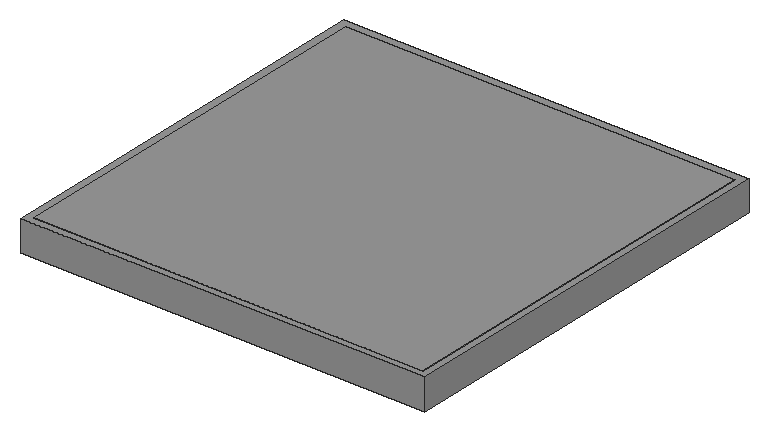
Revit family "ДВО-09 30 Вт Грильято DALI", category Осветительные приборы, Revit 2019 (continued)
Types (6, lengths in mm): name | Эффективность светильника | Файл фотометрической сетки | Тип рассеивателя | Световой поток модуля | built-in parameter 1150142 | Wattage | built-in parameter 1114217 | built-in parameter 1150134 | Lumens | built-in parameter 1150105 | Категория по ограничению яркости | built-in parameter 1150107 | built-in parameter 1150106 | Габаритная яркость | Артикул | URL
  ДВО-09-О-30-3К-IP40-Грильято-DALI | "123" | "INNOLUX 14 950 DVO-09-O-30-3K-IP40-DALI.ies" | "опал" | "1078" | "IESNA: LM-63-1995\r\n[TEST] lab - arhilight 2102145\r\n[MANUFAC] INNOLUX\r\n[LUMCAT] 14 950\r\n[LUMINAIRE] DVO-09-O-30-3Ê-IP40-DALI\r\n[LAMPCAT] LED 30W 3000K\r\n[MORE]\r\n[MORE]\r\n[LAMPCAT]\r\n[LAMP] \r\n[BALLAST] NO\r\n[_PRODUCTGROUP] \r\n[_INFOLINK] This file is created by A.Arkhipov (www.arhilight.ru)\r\nTILT=NONE\r\n \r\n1 3434 1 161 73 1 2 0.588 0.588 0.045\r\n 1  1 30.0\r\n\r\n0 1 2 3 4 5 6 7 8 9 10 11 12 13 14 15 16 17 18 19 20 21 22 23 24 25 26 27 28 29 30 31 32 33 34 35 36 37 38 39 40 41 42 43 44 45 46 47 48 49 50 51 52 53 54 55 56 57 58 59 60 61 62 63 64 65 66 67 68 69 70 71 72 73 74 75 76 77 78 79 80 81 82 83 84 85 86 87 88 89 90 91 92 93 94 95 96 97 98 99 100 101 102 103 104 105 106 107 108 109 110 111 112 113 114 115 116 117 118 119 120 121 122 123 124 125 126 127 128 129 130 131 132 133 134 135 136 137 138 139 140 141 142 143 144 145 146 147 148 149 150 151 152 153 154 155 156 157 158 159 160\r\n\r\n0 2.5 5 7.5 10 12.5 15 17.5 20 22.5 25 27.5 30 32.5 35 37.5 40 42.5 45 47.5 50 52.5 55 57.5 60 62.5 65 67.5 70 72.5 75 77.5 80 82.5 85 87.5 90 92.5 95 97.5 100 102.5 105 107.5 110 112.5 115 117.5 120 122.5 125 127.5 130 132.5 135 137.5 140 142.5 145 147.5 150 152.5 155 157.5 160 162.5 165 167.5 170 172.5 175 177.5 180 \r\n\r\n1213.1 1212.5 1211.3 1209.5 1207.5 1205.0 1202.2 1198.8 1194.8 1190.7 1186.0 1181.0 1175.4 1169.1 1162.5 1155.4 1147.9 1140.1 1131.6 1123.0 1114.0 1104.9 1095.6 1085.8 1075.4 1064.4 1053.3 1041.6 1029.7 1017.2 1004.6 991.4 978.3 964.7 951.1 937.4 923.4 908.9 894.5 879.4 864.4 848.5 832.5 815.9 799.4 782.4 765.5 748.1 730.8 713.1 695.7 677.3 659.3 640.5 621.9 602.4 583.3 563.7 544.6 524.8 505.4 485.4 465.4 444.8 424.7 403.8 382.9 362.4 341.4 320.7 299.8 279.3 258.6 238.4 217.9 198.2 178.3 159.2 140.1 121.9 104.0 87.4 71.6 57.5 44.5 33.3 24.2 17.3 12.3 9.1 7.2 6.3 6.1 6.1 6.1 6.2 6.1 6.2 6.3 6.2 0.0 0.0 0.0 0.0 0.0 0.0 0.0 0.0 0.0 0.0 0.0 0.0 0.0 0.0 0.0 0.0 0.0 0.0 0.0 0.0 0.0 0.0 0.0 0.0 0.0 0.0 0.0 0.0 0.0 0.0 0.0 0.0 0.0 0.0 0.0 0.0 0.0 0.0 0.0 0.0 0.0 0.0 0.0 0.0 0.0 0.0 0.0 0.0 0.0 0.0 0.0 0.0 0.0 0.0 0.0 0.0 0.0 0.0 0.0 0.0 0.0\r\n1213.1 1212.5 1211.4 1209.7 1207.7 1205.2 1202.4 1199.0 1195.1 1191.1 1186.4 1181.3 1175.8 1169.6 1163.1 1156.1 1148.7 1141.0 1132.7 1124.2 1115.2 1105.9 1096.5 1086.6 1076.2 1065.2 1054.2 1042.6 1030.9 1018.7 1006.2 993.3 980.2 966.5 952.8 939.0 924.7 910.3 895.5 880.5 865.0 849.3 833.2 816.8 800.2 783.4 766.4 749.3 732.0 714.6 697.1 679.1 660.9 642.4 623.7 604.6 585.4 566.0 546.5 526.9 507.2 487.3 467.1 446.8 426.5 405.8 385.0 364.5 343.5 322.9 301.9 281.4 260.6 240.4 219.8 200.1 180.2 161.0 141.9 123.4 105.7 88.9 73.1 58.6 45.7 34.3 25.1 18.0 12.9 9.6 7.6 6.6 6.2 6.1 6.2 6.2 6.2 6.2 6.3 6.3 0.0 0.0 0.0 0.0 0.0 0.0 0.0 0.0 0.0 0.0 0.0 0.0 0.0 0.0 0.0 0.0 0.0 0.0 0.0 0.0 0.0 0.0 0.0 0.0 0.0 0.0 0.0 0.0 0.0 0.0 0.0 0.0 0.0 0.0 0.0 0.0 0.0 0.0 0.0 0.0 0.0 0.0 0.0 0.0 0.0 0.0 0.0 0.0 0.0 0.0 0.0 0.0 0.0 0.0 0.0 0.0 0.0 0.0 0.0 0.0 0.0\r\n1213.1 1212.4 1211.4 1209.9 1207.9 1205.4 1202.5 1199.2 1195.4 1191.4 1186.7 1181.5 1176.1 1170.0 1163.6 1156.8 1149.5 1141.8 1133.8 1125.3 1116.3 1106.9 1097.4 1087.3 1076.9 1066.0 1055.1 1043.6 1032.1 1020.1 1007.7 995.1 982.0 968.3 954.5 940.5 926.0 911.6 896.4 881.5 865.6 850.1 833.9 817.7 801.0 784.3 767.3 750.5 733.2 716.1 698.4 680.8 662.5 644.3 625.5 606.7 587.4 568.2 548.4 528.9 509.0 489.1 468.8 448.8 428.2 407.8 387.1 366.6 345.6 325.0 304.0 283.4 262.5 242.3 221.7 201.9 182.0 162.7 143.6 124.9 107.4 90.3 74.6 59.7 46.8 35.2 26.0 18.6 13.5 10.1 7.9 6.9 6.3 6.1 6.2 6.2 6.2 6.2 6.3 6.4 0.0 0.0 0.0 0.0 0.0 0.0 0.0 0.0 0.0 0.0 0.0 0.0 0.0 0.0 0.0 0.0 0.0 0.0 0.0 0.0 0.0 0.0 0.0 0.0 0.0 0.0 0.0 0.0 0.0 0.0 0.0 0.0 0.0 0.0 0.0 0.0 0.0 0.0 0.0 0.0 0.0 0.0 0.0 0.0 0.0 0.0 0.0 0.0 0.0 0.0 0.0 0.0 0.0 0.0 0.0 0.0 0.0 0.0 0.0 0.0 0.0\r\n1213.1 1212.4 1211.2 1209.5 1207.3 1204.6 1201.4 1197.9 1193.9 1189.7 1184.8 1179.6 1173.9 1167.8 1161.1 1154.1 1146.5 1138.6 1130.3 1121.6 1112.5 1102.9 1093.3 1083.0 1072.6 1061.6 1050.5 1038.7 1027.0 1014.6 1002.0 989.0 975.7 961.8 947.9 933.7 919.2 904.6 889.6 874.5 859.0 843.5 827.5 811.2 794.7 777.8 760.8 743.6 726.1 708.5 690.7 672.6 654.3 635.8 617.2 598.2 579.1 559.8 540.3 520.6 500.6 480.7 460.3 440.2 419.4 399.0 378.2 357.6 336.7 316.2 295.3 275.0 254.3 234.4 214.1 194.5 175.0 156.0 137.2 119.1 101.8 85.3 70.0 55.8 43.3 32.6 23.9 17.1 12.4 9.3 7.5 6.7 6.4 6.3 6.4 6.4 6.3 6.4 6.5 6.6 0.0 0.0 0.0 0.0 0.0 0.0 0.0 0.0 0.0 0.0 0.0 0.0 0.0 0.0 0.0 0.0 0.0 0.0 0.0 0.0 0.0 0.0 0.0 0.0 0.0 0.0 0.0 0.0 0.0 0.0 0.0 0.0 0.0 0.0 0.0 0.0 0.0 0.0 0.0 0.0 0.0 0.0 0.0 0.0 0.0 0.0 0.0 0.0 0.0 0.0 0.0 0.0 0.0 0.0 0.0 0.0 0.0 0.0 0.0 0.0 0.0\r\n1213.1 1212.4 1211.0 1209.0 1206.6 1203.8 1200.3 1196.6 1192.3 1187.9 1182.9 1177.6 1171.6 1165.5 1158.5 1151.3 1143.5 1135.3 1126.8 1117.8 1108.6 1098.9 1089.1 1078.7 1068.2 1057.1 1045.8 1033.8 1021.8 1009.1 996.3 982.8 969.3 955.2 941.2 926.8 912.4 897.5 882.7 867.5 852.4 836.8 821.0 804.7 788.4 771.2 754.2 736.6 719.0 700.8 683.0 664.4 646.1 627.2 608.8 589.7 570.8 551.3 532.1 512.2 492.1 472.3 451.8 431.6 410.6 390.1 369.2 348.6 327.7 307.3 286.6 266.5 246.0 226.4 206.4 187.1 167.9 149.3 130.8 113.3 96.2 80.2 65.4 51.9 39.8 29.9 21.7 15.6 11.2 8.5 7.0 6.5 6.4 6.4 6.5 6.6 6.4 6.6 6.7 6.7 0.0 0.0 0.0 0.0 0.0 0.0 0.0 0.0 0.0 0.0 0.0 0.0 0.0 0.0 0.0 0.0 0.0 0.0 0.0 0.0 0.0 0.0 0.0 0.0 0.0 0.0 0.0 0.0 0.0 0.0 0.0 0.0 0.0 0.0 0.0 0.0 0.0 0.0 0.0 0.0 0.0 0.0 0.0 0.0 0.0 0.0 0.0 0.0 0.0 0.0 0.0 0.0 0.0 0.0 0.0 0.0 0.0 0.0 0.0 0.0 0.0\r\n1213.1 1212.5 1211.3 1209.5 1207.5 1205.0 1202.2 1198.8 1194.8 1190.7 1186.0 1181.0 1175.4 1169.1 1162.5 1155.4 1147.9 1140.1 1131.6 1123.0 1114.0 1104.9 1095.6 1085.8 1075.4 1064.4 1053.3 1041.6 1029.7 1017.2 1004.6 991.4 978.3 964.7 951.1 937.4 923.4 908.9 894.5 879.4 864.4 848.5 832.5 815.9 799.4 782.4 765.5 748.1 730.8 713.1 695.7 677.3 659.3 640.5 621.9 602.4 583.3 563.7 544.6 524.8 505.4 485.4 465.4 444.8 424.7 403.8 382.9 362.4 341.4 320.7 299.8 279.3 258.6 238.4 217.9 198.2 178.3 159.2 140.1 121.9 104.0 87.4 71.6 57.5 44.5 33.3 24.2 17.3 12.3 9.1 7.2 6.3 6.1 6.1 6.1 6.2 6.1 6.2 6.3 6.2 0.0 0.0 0.0 0.0 0.0 0.0 0.0 0.0 0.0 0.0 0.0 0.0 0.0 0.0 0.0 0.0 0.0 0.0 0.0 0.0 0.0 0.0 0.0 0.0 0.0 0.0 0.0 0.0 0.0 0.0 0.0 0.0 0.0 0.0 0.0 0.0 0.0 0.0 0.0 0.0 0.0 0.0 0.0 0.0 0.0 0.0 0.0 0.0 0.0 0.0 0.0 0.0 0.0 0.0 0.0 0.0 0.0 0.0 0.0 0.0 0.0\r\n1213.1 1212.5 1211.4 1209.7 1207.7 1205.2 1202.4 1199.0 1195.1 1191.1 1186.4 1181.3 1175.8 1169.6 1163.1 1156.1 1148.7 1141.0 1132.7 1124.2 1115.2 1105.9 1096.5 1086.6 1076.2 1065.2 1054.2 1042.6 1030.9 1018.7 1006.2 993.3 980.2 966.5 952.8 939.0 924.7 910.3 895.5 880.5 865.0 849.3 833.2 816.8 800.2 783.4 766.4 749.3 732.0 714.6 697.1 679.1 660.9 642.4 623.7 604.6 585.4 566.0 546.5 526.9 507.2 487.3 467.1 446.8 426.5 405.8 385.0 364.5 343.5 322.9 301.9 281.4 260.6 240.4 219.8 200.1 180.2 161.0 141.9 123.4 105.7 88.9 73.1 58.6 45.7 34.3 25.1 18.0 12.9 9.6 7.6 6.6 6.2 6.1 6.2 6.2 6.2 6.2 6.3 6.3 0.0 0.0 0.0 0.0 0.0 0.0 0.0 0.0 0.0 0.0 0.0 0.0 0.0 0.0 0.0 0.0 0.0 0.0 0.0 0.0 0.0 0.0 0.0 0.0 0.0 0.0 0.0 0.0 0.0 0.0 0.0 0.0 0.0 0.0 0.0 0.0 0.0 0.0 0.0 0.0 0.0 0.0 0.0 0.0 0.0 0.0 0.0 0.0 0.0 0.0 0.0 0.0 0.0 0.0 0.0 0.0 0.0 0.0 0.0 0.0 0.0\r\n1213.1 1212.4 1211.4 1209.9 1207.9 1205.4 1202.5 1199.2 1195.4 1191.4 1186.7 1181.5 1176.1 1170.0 1163.6 1156.8 1149.5 1141.8 1133.8 1125.3 1116.3 1106.9 1097.4 1087.3 1076.9 1066.0 1055.1 1043.6 1032.1 1020.1 1007.7 995.1 982.0 968.3 954.5 940.5 926.0 911.6 896.4 881.5 865.6 850.1 833.9 817.7 801.0 784.3 767.3 750.5 733.2 716.1 698.4 680.8 662.5 644.3 625.5 606.7 587.4 568.2 548.4 528.9 509.0 489.1 468.8 448.8 428.2 407.8 387.1 366.6 345.6 325.0 304.0 283.4 262.5 242.3 221.7 201.9 182.0 162.7 143.6 124.9 107.4 90.3 74.6 59.7 46.8 35.2 26.0 18.6 13.5 10.1 7.9 6.9 6.3 6.1 6.2 6.2 6.2 6.2 6.3 6.4 0.0 0.0 0.0 0.0 0.0 0.0 0.0 0.0 0.0 0.0 0.0 0.0 0.0 0.0 0.0 0.0 0.0 0.0 0.0 0.0 0.0 0.0 0.0 0.0 0.0 0.0 0.0 0.0 0.0 0.0 0.0 0.0 0.0 0.0 0.0 0.0 0.0 0.0 0.0 0.0 0.0 0.0 0.0 0.0 0.0 0.0 0.0 0.0 0.0 0.0 0.0 0.0 0.0 0.0 0.0 0.0 0.0 0.0 0.0 0.0 0.0\r\n1213.1 1212.4 1211.2 1209.5 1207.3 1204.6 1201.4 1197.9 1193.9 1189.7 1184.8 1179.6 1173.9 1167.8 1161.1 1154.1 1146.5 1138.6 1130.3 1121.6 1112.5 1102.9 1093.3 1083.0 1072.6 1061.6 1050.5 1038.7 1027.0 1014.6 1002.0 989.0 975.7 961.8 947.9 933.7 919.2 904.6 889.6 874.5 859.0 843.5 827.5 811.2 794.7 777.8 760.8 743.6 726.1 708.5 690.7 672.6 654.3 635.8 617.2 598.2 579.1 559.8 540.3 520.6 500.6 480.7 460.3 440.2 419.4 399.0 378.2 357.6 336.7 316.2 295.3 275.0 254.3 234.4 214.1 194.5 175.0 156.0 137.2 119.1 101.8 85.3 70.0 55.8 43.3 32.6 23.9 17.1 12.4 9.3 7.5 6.7 6.4 6.3 6.4 6.4 6.3 6.4 6.5 6.6 0.0 0.0 0.0 0.0 0.0 0.0 0.0 0.0 0.0 0.0 0.0 0.0 0.0 0.0 0.0 0.0 0.0 0.0 0.0 0.0 0.0 0.0 0.0 0.0 0.0 0.0 0.0 0.0 0.0 0.0 0.0 0.0 0.0 0.0 0.0 0.0 0.0 0.0 0.0 0.0 0.0 0.0 0.0 0.0 0.0 0.0 0.0 0.0 0.0 0.0 0.0 0.0 0.0 0.0 0.0 0.0 0.0 0.0 0.0 0.0 0.0\r\n1213.1 1212.4 1211.0 1209.0 1206.6 1203.8 1200.3 1196.6 1192.3 1187.9 1182.9 1177.6 1171.6 1165.5 1158.5 1151.3 1143.5 1135.3 1126.8 1117.8 1108.6 1098.9 1089.1 1078.7 1068.2 1057.1 1045.8 1033.8 1021.8 1009.1 996.3 982.8 969.3 955.2 941.2 926.8 912.4 897.5 882.7 867.5 852.4 836.8 821.0 804.7 788.4 771.2 754.2 736.6 719.0 700.8 683.0 664.4 646.1 627.2 608.8 589.7 570.8 551.3 532.1 512.2 492.1 472.3 451.8 431.6 410.6 390.1 369.2 348.6 327.7 307.3 286.6 266.5 246.0 226.4 206.4 187.1 167.9 149.3 130.8 113.3 96.2 80.2 65.4 51.9 39.8 29.9 21.7 15.6 11.2 8.5 7.0 6.5 6.4 6.4 6.5 6.6 6.4 6.6 6.7 6.7 0.0 0.0 0.0 0.0 0.0 0.0 0.0 0.0 0.0 0.0 0.0 0.0 0.0 0.0 0.0 0.0 0.0 0.0 0.0 0.0 0.0 0.0 0.0 0.0 0.0 0.0 0.0 0.0 0.0 0.0 0.0 0.0 0.0 0.0 0.0 0.0 0.0 0.0 0.0 0.0 0.0 0.0 0.0 0.0 0.0 0.0 0.0 0.0 0.0 0.0 0.0 0.0 0.0 0.0 0.0 0.0 0.0 0.0 0.0 0.0 0.0\r\n1213.1 1212.5 1211.3 1209.5 1207.5 1205.0 1202.2 1198.8 1194.8 1190.7 1186.0 1181.0 1175.4 1169.1 1162.5 1155.4 1147.9 1140.1 1131.6 1123.0 1114.0 1104.9 1095.6 1085.8 1075.4 1064.4 1053.3 1041.6 1029.7 1017.2 1004.6 991.4 978.3 964.7 951.1 937.4 923.4 908.9 894.5 879.4 864.4 848.5 832.5 815.9 799.4 782.4 765.5 748.1 730.8 713.1 695.7 677.3 659.3 640.5 621.9 602.4 583.3 563.7 544.6 524.8 505.4 485.4 465.4 444.8 424.7 403.8 382.9 362.4 341.4 320.7 299.8 279.3 258.6 238.4 217.9 198.2 178.3 159.2 140.1 121.9 104.0 87.4 71.6 57.5 44.5 33.3 24.2 17.3 12.3 9.1 7.2 6.3 6.1 6.1 6.1 6.2 6.1 6.2 6.3 6.2 0.0 0.0 0.0 0.0 0.0 0.0 0.0 0.0 0.0 0.0 0.0 0.0 0.0 0.0 0.0 0.0 0.0 0.0 0.0 0.0 0.0 0.0 0.0 0.0 0.0 0.0 0.0 0.0 0.0 0.0 0.0 0.0 0.0 0.0 0.0 0.0 0.0 0.0 0.0 0.0 0.0 0.0 0.0 0.0 0.0 0.0 0.0 0.0 0.0 0.0 0.0 0.0 0.0 0.0 0.0 0.0 0.0 0.0 0.0 0.0 0.0\r\n1213.1 1212.5 1211.4 1209.7 1207.7 1205.2 1202.4 1199.0 1195.1 1191.1 1186.4 1181.3 1175.8 1169.6 1163.1 1156.1 1148.7 1141.0 1132.7 1124.2 1115.2 1105.9 1096.5 1086.6 1076.2 1065.2 1054.2 1042.6 1030.9 1018.7 1006.2 993.3 980.2 966.5 952.8 939.0 924.7 910.3 895.5 880.5 865.0 849.3 833.2 816.8 800.2 783.4 766.4 749.3 732.0 714.6 697.1 679.1 660.9 642.4 623.7 604.6 585.4 566.0 546.5 526.9 507.2 487.3 467.1 446.8 426.5 405.8 385.0 364.5 343.5 322.9 301.9 281.4 260.6 240.4 219.8 200.1 180.2 161.0 141.9 123.4 105.7 88.9 73.1 58.6 45.7 34.3 25.1 18.0 12.9 9.6 7.6 6.6 6.2 6.1 6.2 6.2 6.2 6.2 6.3 6.3 0.0 0.0 0.0 0.0 0.0 0.0 0.0 0.0 0.0 0.0 0.0 0.0 0.0 0.0 0.0 0.0 0.0 0.0 0.0 0.0 0.0 0.0 0.0 0.0 0.0 0.0 0.0 0.0 0.0 0.0 0.0 0.0 0.0 0.0 0.0 0.0 0.0 0.0 0.0 0.0 0.0 0.0 0.0 0.0 0.0 0.0 0.0 0.0 0.0 0.0 0.0 0.0 0.0 0.0 0.0 0.0 0.0 0.0 0.0 0.0 0.0\r\n1213.1 1212.4 1211.4 1209.9 1207.9 1205.4 1202.5 1199.2 1195.4 1191.4 1186.7 1181.5 1176.1 1170.0 1163.6 1156.8 1149.5 1141.8 1133.8 1125.3 1116.3 1106.9 1097.4 1087.3 1076.9 1066.0 1055.1 1043.6 1032.1 1020.1 1007.7 995.1 982.0 968.3 954.5 940.5 926.0 911.6 896.4 881.5 865.6 850.1 833.9 817.7 801.0 784.3 767.3 750.5 733.2 716.1 698.4 680.8 662.5 644.3 625.5 606.7 587.4 568.2 548.4 528.9 509.0 489.1 468.8 448.8 428.2 407.8 387.1 366.6 345.6 325.0 304.0 283.4 262.5 242.3 221.7 201.9 182.0 162.7 143.6 124.9 107.4 90.3 74.6 59.7 46.8 35.2 26.0 18.6 13.5 10.1 7.9 6.9 6.3 6.1 6.2 6.2 6.2 6.2 6.3 6.4 0.0 0.0 0.0 0.0 0.0 0.0 0.0 0.0 0.0 0.0 0.0 0.0 0.0 0.0 0.0 0.0 0.0 0.0 0.0 0.0 0.0 0.0 0.0 0.0 0.0 0.0 0.0 0.0 0.0 0.0 0.0 0.0 0.0 0.0 0.0 0.0 0.0 0.0 0.0 0.0 0.0 0.0 0.0 0.0 0.0 0.0 0.0 0.0 0.0 0.0 0.0 0.0 0.0 0.0 0.0 0.0 0.0 0.0 0.0 0.0 0.0\r\n1213.1 1212.4 1211.2 1209.5 1207.3 1204.6 1201.4 1197.9 1193.9 1189.7 1184.8 1179.6 1173.9 1167.8 1161.1 1154.1 1146.5 1138.6 1130.3 1121.6 1112.5 1102.9 1093.3 1083.0 1072.6 1061.6 1050.5 1038.7 1027.0 1014.6 1002.0 989.0 975.7 961.8 947.9 933.7 919.2 904.6 889.6 874.5 859.0 843.5 827.5 811.2 794.7 777.8 760.8 743.6 726.1 708.5 690.7 672.6 654.3 635.8 617.2 598.2 579.1 559.8 540.3 520.6 500.6 480.7 460.3 440.2 419.4 399.0 378.2 357.6 336.7 316.2 295.3 275.0 254.3 234.4 214.1 194.5 175.0 156.0 137.2 119.1 101.8 85.3 70.0 55.8 43.3 32.6 23.9 17.1 12.4 9.3 7.5 6.7 6.4 6.3 6.4 6.4 6.3 6.4 6.5 6.6 0.0 0.0 0.0 0.0 0.0 0.0 0.0 0.0 0.0 0.0 0.0 0.0 0.0 0.0 0.0 0.0 0.0 0.0 0.0 0.0 0.0 0.0 0.0 0.0 0.0 0.0 0.0 0.0 0.0 0.0 0.0 0.0 0.0 0.0 0.0 0.0 0.0 0.0 0.0 0.0 0.0 0.0 0.0 0.0 0.0 0.0 0.0 0.0 0.0 0.0 0.0 0.0 0.0 0.0 0.0 0.0 0.0 0.0 0.0 0.0 0.0\r\n1213.1 1212.4 1211.0 1209.0 1206.6 1203.8 1200.3 1196.6 1192.3 1187.9 1182.9 1177.6 1171.6 1165.5 1158.5 1151.3 1143.5 1135.3 1126.8 1117.8 1108.6 1098.9 1089.1 1078.7 1068.2 1057.1 1045.8 1033.8 1021.8 1009.1 996.3 982.8 969.3 955.2 941.2 926.8 912.4 897.5 882.7 867.5 852.4 836.8 821.0 804.7 788.4 771.2 754.2 736.6 719.0 700.8 683.0 664.4 646.1 627.2 608.8 589.7 570.8 551.3 532.1 512.2 492.1 472.3 451.8 431.6 410.6 390.1 369.2 348.6 327.7 307.3 286.6 266.5 246.0 226.4 206.4 187.1 167.9 149.3 130.8 113.3 96.2 80.2 65.4 51.9 39.8 29.9 21.7 15.6 11.2 8.5 7.0 6.5 6.4 6.4 6.5 6.6 6.4 6.6 6.7 6.7 0.0 0.0 0.0 0.0 0.0 0.0 0.0 0.0 0.0 0.0 0.0 0.0 0.0 0.0 0.0 0.0 0.0 0.0 0.0 0.0 0.0 0.0 0.0 0.0 0.0 0.0 0.0 0.0 0.0 0.0 0.0 0.0 0.0 0.0 0.0 0.0 0.0 0.0 0.0 0.0 0.0 0.0 0.0 0.0 0.0 0.0 0.0 0.0 0.0 0.0 0.0 0.0 0.0 0.0 0.0 0.0 0.0 0.0 0.0 0.0 0.0\r\n1213.1 1212.5 1211.3 1209.5 1207.5 1205.0 1202.2 1198.8 1194.8 1190.7 1186.0 1181.0 1175.4 1169.1 1162.5 1155.4 1147.9 1140.1 1131.6 1123.0 1114.0 1104.9 1095.6 1085.8 1075.4 1064.4 1053.3 1041.6 1029.7 1017.2 1004.6 991.4 978.3 964.7 951.1 937.4 923.4 908.9 894.5 879.4 864.4 848.5 832.5 815.9 799.4 782.4 765.5 748.1 730.8 713.1 695.7 677.3 659.3 640.5 621.9 602.4 583.3 563.7 544.6 524.8 505.4 485.4 465.4 444.8 424.7 403.8 382.9 362.4 341.4 320.7 299.8 279.3 258.6 238.4 217.9 198.2 178.3 159.2 140.1 121.9 104.0 87.4 71.6 57.5 44.5 33.3 24.2 17.3 12.3 9.1 7.2 6.3 6.1 6.1 6.1 6.2 6.1 6.2 6.3 6.2 0.0 0.0 0.0 0.0 0.0 0.0 0.0 0.0 0.0 0.0 0.0 0.0 0.0 0.0 0.0 0.0 0.0 0.0 0.0 0.0 0.0 0.0 0.0 0.0 0.0 0.0 0.0 0.0 0.0 0.0 0.0 0.0 0.0 0.0 0.0 0.0 0.0 0.0 0.0 0.0 0.0 0.0 0.0 0.0 0.0 0.0 0.0 0.0 0.0 0.0 0.0 0.0 0.0 0.0 0.0 0.0 0.0 0.0 0.0 0.0 0.0\r\n1213.1 1212.5 1211.4 1209.7 1207.7 1205.2 1202.4 1199.0 1195.1 1191.1 1186.4 1181.3 1175.8 1169.6 1163.1 1156.1 1148.7 1141.0 1132.7 1124.2 1115.2 1105.9 1096.5 1086.6 1076.2 1065.2 1054.2 1042.6 1030.9 1018.7 1006.2 993.3 980.2 966.5 952.8 939.0 924.7 910.3 895.5 880.5 865.0 849.3 833.2 816.8 800.2 783.4 766.4 749.3 732.0 714.6 697.1 679.1 660.9 642.4 623.7 604.6 585.4 566.0 546.5 526.9 507.2 487.3 467.1 446.8 426.5 405.8 385.0 364.5 343.5 322.9 301.9 281.4 260.6 240.4 219.8 200.1 180.2 161.0 141.9 123.4 105.7 88.9 73.1 58.6 45.7 34.3 25.1 18.0 12.9 9.6 7.6 6.6 6.2 6.1 6.2 6.2 6.2 6.2 6.3 6.3 0.0 0.0 0.0 0.0 0.0 0.0 0.0 0.0 0.0 0.0 0.0 0.0 0.0 0.0 0.0 0.0 0.0 0.0 0.0 0.0 0.0 0.0 0.0 0.0 0.0 0.0 0.0 0.0 0.0 0.0 0.0 0.0 0.0 0.0 0.0 0.0 0.0 0.0 0.0 0.0 0.0 0.0 0.0 0.0 0.0 0.0 0.0 0.0 0.0 0.0 0.0 0.0 0.0 0.0 0.0 0.0 0.0 0.0 0.0 0.0 0.0\r\n1213.1 1212.4 1211.4 1209.9 1207.9 1205.4 1202.5 1199.2 1195.4 1191.4 1186.7 1181.5 1176.1 1170.0 1163.6 1156.8 1149.5 1141.8 1133.8 1125.3 1116.3 1106.9 1097.4 1087.3 1076.9 1066.0 
